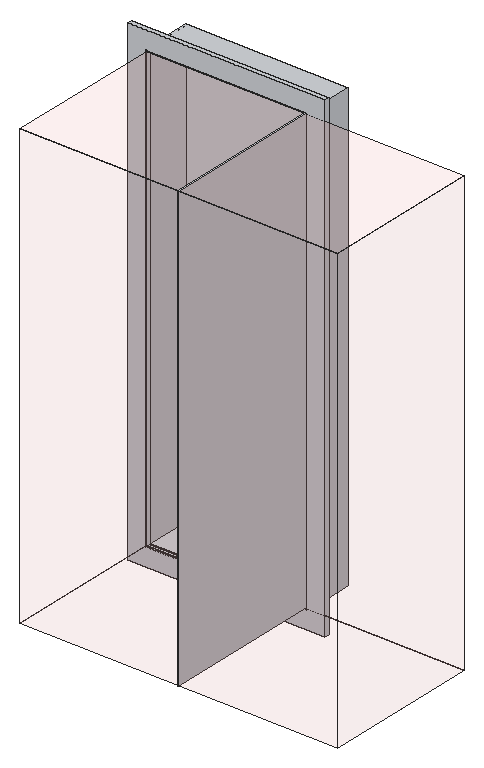
Revit family "Hager-VOLTA-Flush_mounted-IP30-With_Cover-With_DIN-NoHosted-PL-en", category Electrical Equipment, Revit 2023
Family settings
  Panel Configuration = Two Columns, Circuits Across
  Round Connector Dimension = Use Diameter
  Part Type = Panelboard
  Work Plane-Based = Yes
  Always vertical = Yes
  Cut with Voids When Loaded = No
  Maintain Annotation Orientation = No
  Shared = No
  Room Calculation Point = No
Parameters (values of type "VOLTA-Flush_mounted_W348_H880_D98_12_Modular_Spacing-VU60NWB")
  Width Control [instance] = if([HG000006-Flush mounted], if([EF000846 - Built-in width] > min_whd, [EF000846 - Built-in width], min_whd), if([EF000008 - Width] > min_whd, ([EF000008 - Width]), min_whd))  # 314.5 mm
  Void Depth [instance] = if([EF000218 - Built-in depth] > 1 mm, [EF000218 - Built-in depth], 1 mm)  # 89 mm
  Uniformat code = "D501001"
  Uniformat = "Low Tension Service & Dist."
  Référence = ""
  HG000131 - Functional label [instance] = ""
  HG000130 - Functional name [instance] = ""
  HG000099-Onfly Template ID = "507532"
  HG000059-Operating voltage [instance] = 230 V
  ETIM class name = "Small distribution board"
  ETIM class code = "EC000214"
  EF015941 - Signal passing door = no
  EF015777 - Neutral terminal block = no
  EF015776 - Earthing terminal block = no
  EF009212 - Cover model = "With notch"
  EF006306 - With lock = no
  EF006244 - Transparent cover/door = no
  EF005474 - Degree of protection (IP) = "IP30"
  EF004462 - Type of closure = "Other"
  EF002950 - Width in number of modular spacings = 12
  EF001596 - Housing material = ""
  EF001134 - DIN-rail = yes
  EF001131 - Inner depth = 0 mm
  EF001088 - Extension possible = yes
  EF001062 - EMC-version = no
  EF000846 - Built-in width = 314.5 mm
  EF000339 - Type of covering = ""
  EF000332 - Built-in height = 865 mm
  EF000266 - Number of rows = 0
  EF000218 - Built-in depth = 89 mm
  EF000118 - With mounting plate = yes
  EF000116 - RAL-number = 9010
  EF000049 - Depth = 98 mm
  EF000040 - Height = 880 mm
  EF000008 - Width = 348 mm
  EF000007 - Colour = "White"
  EF000003 - Mounting method = "Flush-mounted"
  EF004464 - Type of door = ""
  EF000024 - UV resistant = no
  Type Comments = ""
  System Height [instance] = Height Control - 2 * [HG000005-Thickness]  # 861 mm
  Reference description = ""
  Reference = "VOLTA-Flush_mounted_W348_H880_D98_12_Modular_Spacing-VU60NWB"
  Panel Name [instance] = ""  # (empty or 0)
  Offset [instance] = 0 mm
  Object type = ""
  Name hager = "ADD_Enclosures_EC000214"
  Name BIM&CO = "Electricity"
  Name = "VOLTA-Flush_mounted-IP30-With_Cover-With_DIN-PL"
  Model = ""
  Level Offset [instance] = [Flush Mounted - Door Frame Width] + Offset  # 15 mm
  HGEF002950-Width in number of modular spacings = 12
  HGEF000266-Number of rows = 0
  HG000060-RAL-number = "9010"
  HG000017-Distance between poles = 18 mm
  HG000016-Door 3D visibility = yes
  HG000015-Clearance visibility = yes
  HG000014-Door on the right = yes
  HG000013-Door on the left = not([HG000014-Door on the right])  # no
  HG000012-Door swing angle = 90.00°
  HG000011-Empty rows from bottom = no
  HG000010-Asymmetric doors = no
  HG000009-Double swing door = no
  HG000008-Number of empty rows = 0
  HG000007-Number of empty columns = 0
  HG000006-Flush mounted = yes
  HG000005-Thickness = 2 mm
  HG000004-Manufacturer reference = "VU60NWB"
  HG000003-Range = "VOLTA"
  HG000002-With door or cover = yes
  HG000001-Number of columns = 0
  GTIN (Global Trade Item Number) = ""
  Description = ""
  Default Elevation = 1200 mm
  Creation Date = "12/15/2025 21:46:28"
  Code hager = "ADD-EC000214_EU"
  Code Uniformat = ""
  BIM&CO code = ""
  BC_VARIANT_ID = "1174397"
  BC_OBJECT_VERSION = "#5"  # constant formula
  BC_OBJECT_ID = "513496"  # constant formula
  BC_MODEL_ID = "1547208"  # constant formula
  BC_METADATA = "{\"ObjectGuid\":\"bc35c96e-cb38-443e-833d-0616858cb9ac\",\"ModelGuid\":\"8af03f69-2293-4735-a617-cc53adf55621\",\"VariantGuid\":\"8b6e323b-1b53-409a-a940-11b5a7fc5337\",\"Revision\":\"#4\",\"VariantName\":\"Template-Enclosure_EU-EC000214\"}"
  Arrow Offset [instance] = Depth Control / 8  # 11.125 mm
  Arrow Height [instance] = Depth Control - Arrow Offset  # 77.875 mm
  Host Offset [instance] = if([HG000006-Flush mounted], 0 mm, [EF000049 - Depth])  # 0 mm
  min_whd [instance] = (2 * [HG000005-Thickness]) + 1 mm  # 5 mm
  Manufacturer = "Hager"  # constant formula
  Height Control [instance] = if([HG000006-Flush mounted], if([EF000332 - Built-in height] > min_whd, [EF000332 - Built-in height], min_whd), if([EF000040 - Height] > min_whd, ([EF000040 - Height]), min_whd))  # 865 mm
  Flush Mounted - Door Frame Width [instance] = if(([EF000040 - Height] - [EF000332 - Built-in height]) > 0 mm, if([HG000006-Flush mounted], [EF000040 - Height] - [EF000332 - Built-in height], 0 mm), 0 mm)  # 15 mm
  Depth Control [instance] = if([HG000006-Flush mounted], if([EF000218 - Built-in depth] > 0 mm, [EF000218 - Built-in depth], 1 mm), if([EF000049 - Depth] > 0 mm, ([EF000049 - Depth]), 1 mm))  # 89 mm
Types (18, lengths in mm): name | Width Control | Void Depth | EF015777 - Neutral terminal block | EF015776 - Earthing terminal block | EF000846 - Built-in width | EF000332 - Built-in height | EF000266 - Number of rows | EF000218 - Built-in depth | EF000118 - With mounting plate | EF000040 - Height | System Height | Reference | Level Offset | HGEF000266-Number of rows | HG000011-Empty rows from bottom | HG000008-Number of empty rows | HG000004-Manufacturer reference | HG000001-Number of columns | BC_VARIANT_ID | Arrow Offset | Arrow Height | Height Control | Flush Mounted - Door Frame Width | Depth Control
  VOLTA-Flush_mounted_W348_H356_D98_12_Modular_Spacing-VU12AT | 314.5 | 89 | yes | yes | 314.5 | 321 | 1 | 89 | no | 356 | 317 | "VOLTA-Flush_mounted_W348_H356_D98_12_Modular_Spacing-VU12AT" | 35 | 1 | no | 0 | "VU12AT" | 1 | "1174376" | 11.125 | 77.875 | 321 | 35 | 89
  VOLTA-Flush_mounted_W348_H356_D98_12_Modular_Spacing-VU12NE | 314.5 | 89 | no | yes | 314.5 | 321 | 1 | 89 | no | 356 | 317 | "VOLTA-Flush_mounted_W348_H356_D98_12_Modular_Spacing-VU12NE" | 35 | 1 | no | 0 | "VU12NE" | 1 | "1174377" | 11.125 | 77.875 | 321 | 35 | 89
  VOLTA-Flush_mounted_W348_H505_D98_12_Modular_Spacing-VU24AT | 314.5 | 89 | yes | yes | 314.5 | 470 | 2 | 89 | no | 505 | 466 | "VOLTA-Flush_mounted_W348_H505_D98_12_Modular_Spacing-VU24AT" | 35 | 2 | no | 0 | "VU24AT" | 1 | "1174378" | 11.125 | 77.875 | 470 | 35 | 89
  VOLTA-Flush_mounted_W348_H505_D98_12_Modular_Spacing-VU24NE | 314.5 | 89 | no | yes | 314.5 | 470 | 2 | 89 | no | 505 | 466 | "VOLTA-Flush_mounted_W348_H505_D98_12_Modular_Spacing-VU24NE" | 35 | 2 | no | 0 | "VU24NE" | 1 | "1174380" | 11.125 | 77.875 | 470 | 35 | 89
  VOLTA-Flush_mounted_W348_H505_D98_12_Modular_Spacing-VU24NWB | 314.5 | 89 | no | no | 314.5 | 470 | 0 | 89 | yes | 505 | 466 | "VOLTA-Flush_mounted_W348_H505_D98_12_Modular_Spacing-VU24NWB" | 35 | 0 | no | 0 | "VU24NWB" | 0 | "1174383" | 11.125 | 77.875 | 470 | 35 | 89
  VOLTA-Flush_mounted_W348_H630_D98_12_Modular_Spacing-VU36AT | 314.5 | 89 | yes | yes | 314.5 | 595 | 3 | 89 | no | 630 | 591 | "VOLTA-Flush_mounted_W348_H630_D98_12_Modular_Spacing-VU36AT" | 35 | 3 | no | 0 | "VU36AT" | 1 | "1174385" | 11.125 | 77.875 | 595 | 35 | 89
  VOLTA-Flush_mounted_W348_H630_D98_12_Modular_Spacing-VU36NE | 314.5 | 89 | no | yes | 314.5 | 595 | 3 | 89 | no | 630 | 591 | "VOLTA-Flush_mounted_W348_H630_D98_12_Modular_Spacing-VU36NE" | 35 | 3 | no | 0 | "VU36NE" | 1 | "1174386" | 11.125 | 77.875 | 595 | 35 | 89
  VOLTA-Flush_mounted_W348_H630_D98_12_Modular_Spacing-VU36NWB | 314.5 | 89 | no | no | 314.5 | 595 | 0 | 89 | yes | 630 | 591 | "VOLTA-Flush_mounted_W348_H630_D98_12_Modular_Spacing-VU36NWB" | 35 | 0 | no | 0 | "VU36NWB" | 0 | "1174387" | 11.125 | 77.875 | 595 | 35 | 89
  VOLTA-Flush_mounted_W348_H755_D98_12_Modular_Spacing-VU48AT | 314.5 | 89 | yes | yes | 314.5 | 720 | 4 | 89 | no | 755 | 716 | "VOLTA-Flush_mounted_W348_H755_D98_12_Modular_Spacing-VU48AT" | 35 | 4 | no | 0 | "VU48AT" | 1 | "1174388" | 11.125 | 77.875 | 720 | 35 | 89
  VOLTA-Flush_mounted_W348_H755_D98_12_Modular_Spacing-VU48NE | 314.5 | 89 | no | yes | 314.5 | 720 | 4 | 89 | no | 755 | 716 | "VOLTA-Flush_mounted_W348_H755_D98_12_Modular_Spacing-VU48NE" | 35 | 4 | no | 0 | "VU48NE" | 1 | "1174389" | 11.125 | 77.875 | 720 | 35 | 89
  VOLTA-Flush_mounted_W348_H755_D98_12_Modular_Spacing-VU48NWB | 314.5 | 89 | no | no | 314.5 | 720 | 0 | 89 | yes | 755 | 716 | "VOLTA-Flush_mounted_W348_H755_D98_12_Modular_Spacing-VU48NWB" | 35 | 0 | no | 0 | "VU48NWB" | 0 | "1174390" | 11.125 | 77.875 | 720 | 35 | 89
  VOLTA-Flush_mounted_W348_H880_D98_12_Modular_Spacing-VU601PLH | 314.5 | 89 | yes | yes | 314.5 | 845 | 5 | 89 | yes | 880 | 841 | "VOLTA-Flush_mounted_W348_H880_D98_12_Modular_Spacing-VU601PLH" | 35 | 5 | yes | 4 | "VU601PLH" | 1 | "1174391" | 11.125 | 77.875 | 845 | 35 | 89
  VOLTA-Flush_mounted_W348_H880_D98_12_Modular_Spacing-VU602PLH | 314.5 | 89 | yes | yes | 314.5 | 845 | 5 | 89 | yes | 880 | 841 | "VOLTA-Flush_mounted_W348_H880_D98_12_Modular_Spacing-VU602PLH" | 35 | 5 | yes | 3 | "VU602PLH" | 1 | "1174392" | 11.125 | 77.875 | 845 | 35 | 89
  VOLTA-Flush_mounted_W348_H880_D98_12_Modular_Spacing-VU603PLG | 314.5 | 89 | yes | yes | 314.5 | 845 | 5 | 89 | yes | 880 | 841 | "VOLTA-Flush_mounted_W348_H880_D98_12_Modular_Spacing-VU603PLG" | 35 | 5 | yes | 2 | "VU603PLG" | 1 | "1174393" | 11.125 | 77.875 | 845 | 35 | 89
  VOLTA-Flush_mounted_W348_H880_D98_12_Modular_Spacing-VU603PLH | 314.5 | 89 | yes | yes | 314.5 | 845 | 5 | 89 | yes | 880 | 841 | "VOLTA-Flush_mounted_W348_H880_D98_12_Modular_Spacing-VU603PLH" | 35 | 5 | yes | 2 | "VU603PLH" | 1 | "1174394" | 11.125 | 77.875 | 845 | 35 | 89
  VOLTA-Flush_mounted_W348_H880_D98_12_Modular_Spacing-VU60NC | 314.5 | 89 | no | yes | 314.5 | 846 | 5 | 89 | no | 880 | 842 | "VOLTA-Flush_mounted_W348_H880_D98_12_Modular_Spacing-VU60NC" | 34 | 5 | no | 0 | "VU60NC" | 1 | "1174395" | 11.125 | 77.875 | 846 | 34 | 89
  VOLTA-Flush_mounted_W348_H880_D98_12_Modular_Spacing-VU60NE | 314 | 90 | yes | yes | 314 | 845 | 5 | 90 | no | 880 | 841 | "VOLTA-Flush_mounted_W348_H880_D98_12_Modular_Spacing-VU60NE" | 35 | 5 | no | 0 | "VU60NE" | 1 | "1174396" | 11.25 | 78.75 | 845 | 35 | 90
  VOLTA-Flush_mounted_W348_H880_D98_12_Modular_Spacing-VU60NWB | 314.5 | 89 | no | no | 314.5 | 865 | 0 | 89 | yes | 880 | 861 | "VOLTA-Flush_mounted_W348_H880_D98_12_Modular_Spacing-VU60NWB" | 15 | 0 | no | 0 | "VU60NWB" | 0 | "1174397" | 11.125 | 77.875 | 865 | 15 | 89
Reference planes
  plane 1 "Center (Front/Back)": y = 0
  plane 2: z = 0
  plane 3 "Center (Left/Right)": x = 0
  plane 4: y = 17
  plane 5: y = 89
  plane 6: y = 15
  plane 7: z = 0
  plane 8: x = -157.25
  plane 9: x = 157.25
  plane 10: x = 155.25
  plane 11: x = -155.25
  plane 12: z = 15
  plane 13: z = 17
  plane 14: y = 5
  plane 15: y = 0
  plane 16: y = 87
  plane 17: z = 878
  plane 18: z = 880
  plane 19: z = 447.5
  plane 20: x = 0
  plane 21: y = -100
  plane 22 "Annotation H": y = -300
  plane 23 "Annotation V": x = 357.25
Forms (mm)
  Extrusion 1, solid
    sketch origin (-208.679, -4572, 15) x (-1, 0, 0) y (0, -1, 0)
      loop
        line (-51.429, -4572) -> (-365.929, -4572) -> (-365.929, -4661) -> (-51.429, -4661) -> (-51.429, -4572)
    from 0 to 865 <- "Height Control"
  Extrusion 2, void
    sketch origin (-350.771, 0, 1219.2) x (1, 0, 0) y (0, 0, 1)
      loop
        line (195.521, -341.2) -> (195.521, -1202.2) -> (506.021, -1202.2) -> (506.021, -341.2) -> (195.521, -341.2)
    from 0 to -87
  Extrusion 3, solid, detail levels coarse+medium
    sketch origin (-350.771, 0, 1219.2) x (-1, 0, 0) y (0, 0, 1)
      loop
        line (-195.521, -341.2) -> (-506.021, -341.2) -> (-506.021, -1202.2) -> (-195.521, -1202.2) -> (-195.521, -341.2)
    from 0 to 2 <- "HG000005-Thickness"
Cuts and joins
  Extrusion 2 cuts Extrusion 1
Dimensions and locks
  "Flush Mounted - Door Frame Width": plane 1 "Center (Front/Back)" to plane 6
  "HG000005-Thickness": plane 4 to plane 6
  "HG000005-Thickness": plane 8 to plane 11
  "HG000005-Thickness": plane 9 to plane 10
  equal spacing: plane 8, plane 3 "Center (Left/Right)", plane 9
  "Width Control": plane 8 to plane 9
  locked: plane 14 to plane 15 at 5
  "Host Offset": plane 1 "Center (Front/Back)" to plane 15
  "Depth Control": plane 5 to plane 15
  "HG000005-Thickness": plane 5 to plane 16
  "HG000005-Thickness": plane 13 to plane 12
  "Level Offset": plane 12 to level
  "HG000005-Thickness": plane 18 to plane 17
  "Height Control": plane 18 to plane 12
  "Arrow Offset": plane 5 to nested 4
  equal spacing: plane 18, plane 19, plane 12
  locked: connector elem to plane 19
  locked: connector elem to plane 3 "Center (Left/Right)"
  Extrusion 2 sketch curve to Extrusion 2 sketch curve to plane 9 = 310.5 mm, 2 mm
  locked: plane 9 to plane 23 "Annotation V" at 200
  locked: plane 22 "Annotation H" to plane 1 "Center (Front/Back)" at 300
  aligned and locked: nested 1 to plane 14
  aligned and locked: plane 3 "Center (Left/Right)" to nested 1
  aligned and locked: plane 3 "Center (Left/Right)" to nested 2
  aligned and locked: nested 2 to plane 15
  aligned and locked: plane 5 to Extrusion 1
  aligned and locked: Extrusion 3 sketch curve to plane 17
  aligned and locked: Extrusion 3 sketch curve to plane 11
  aligned and locked: plane 13 to Extrusion 3 sketch curve
  aligned and locked: Extrusion 3 sketch curve to plane 10
  aligned and locked: plane 13 to Extrusion 2 sketch curve
  aligned and locked: Extrusion 2 sketch curve to plane 17
  aligned and locked: plane 16 to Extrusion 2
  aligned and locked: plane 5 to Extrusion 1 sketch curve
  aligned and locked: plane 9 to Extrusion 1 sketch curve
  aligned and locked: plane 8 to Extrusion 1 sketch curve
  aligned and locked: plane 8 to nested 4
  aligned and locked: plane 8 to nested 3
  aligned and locked: nested 3 to plane 5
  aligned and locked: Extrusion 1 sketch curve to plane 15
  aligned and locked: Extrusion 2 to plane 15
  aligned and locked: nested 5 to plane 22 "Annotation H"
  aligned and locked: plane 23 "Annotation V" to nested 5
  aligned and locked: plane 11 to Extrusion 2
  aligned and locked: plane 10 to Extrusion 2
Nested families
  nested 1: "Hager_Enclosure_System" at (0, 5, 17), Flush_Mounted <- "HG000006-Flush mounted", Height <- "System Height", Width_Control <- "Width Control", Row_Module_Multiplicator <- "HGEF002950-Width in number of modular spacings", Empty_Columns <- "HG000007-Number of empty columns", Border <- "HG000005-Thickness", Total_No_Empty_Rows <- "HG000008-Number of empty rows", Depth <- "HG000005-Thickness", Empty_Rows_From_Bottom <- "HG000011-Empty rows from bottom", Distance_Between_Poles <- "HG000017-Distance between poles", Rows_Count <- "HGEF000266-Number of rows", Columns_Count <- "HG000001-Number of columns", Built-in_Width <- "EF000846 - Built-in width", Width <- "EF000008 - Width", type "Hager_Enclosure_System", detail levels medium+fine
    with Width_Control 314.5 mm, Width 348 mm, Total_No_Rows 0, Total_No_Empty_Rows 0, Total_No_Columns 1, System_Width 310.5 mm, Rows_Count 0, Rows_Column 0, Row_Module_Multiplicator 12, Panel_4 no, Panel_3 no, Panel_2 no, Panel_1 no, No_Panels_Ctrl 1, Hide_Columns yes, Height 861 mm, Flush_Mounted yes, Empty_Rows_From_Bottom no, Empty_Rows_Column 0, Empty_Columns 0, Empty column 4 0, Empty column 3 0, Empty column 2 0, Empty column 1 0, Distance_Between_Poles 18 mm, Depth 2 mm, Columns_Count 0, Column_Width 310.5 mm, Built-in_Width 314.5 mm, Border 2 mm
  nested 2: "Hager_Enclosure_Door" at (0, 0, 15), Double <- "HG000009-Double swing door", Height_Ctrl <- "Height Control", Angle <- "HG000012-Door swing angle", Door_Right <- "HG000014-Door on the right", Assymetrical <- "HG000010-Asymmetric doors", Flush_Mounted <- "HG000006-Flush mounted", Door <- "HG000002-With door or cover", Width_Ctrl <- "Width Control", 3d_Door <- "HG000016-Door 3D visibility", Border <- "HG000005-Thickness", Clearance <- "HG000015-Clearance visibility", Door_Left <- "HG000013-Door on the left", BuiltIn_Depth <- "EF000218 - Built-in depth", Depth <- "EF000049 - Depth", BuiltIn_Width <- "EF000846 - Built-in width", Height <- "EF000040 - Height", BuiltIn_Height <- "EF000332 - Built-in height", Width <- "EF000008 - Width", Transparent <- "EF006244 - Transparent cover/door", type "Hager_Enclosure_Door", detail levels medium+fine
    with min_wh 5 mm, Width_Ctrl 314.5 mm, Width 348 mm, Transparent_Door_No_Bottom_Border no, Transparent no, Leaf_Width 307.5 mm, Leaf_Tolerance 1.5 mm, Leaf_Height 858 mm, Leaf_2_Width 307.5 mm, Leaf_2_Offset 153.75 mm, Leaf_1_Width 307.5 mm, Leaf_1_Offset 153.75 mm, Height_Ctrl 865 mm, Height 880 mm, Frame_Width_Ctrl 33.5 mm, Frame_Width 33.5 mm, Frame_Internal_Offset 2 mm, Frame_Height_Ctrl 15 mm, Frame_Height 15 mm, Frame_Depth_Ctrl 9 mm, Frame_Depth 9 mm, Flush_Mounted yes, Double_Clearance_Ctrl no, Double no, Door_Right_Ctrl yes, Door_Right yes, Door_Left_Ctrl no, Door_Left no, Door yes, Depth 98 mm, Clearance_Depth 307.5 mm, Clearance_Ctrl yes, Clearance yes, BuiltIn_Width 314.5 mm, BuiltIn_Height 865 mm, BuiltIn_Depth 89 mm, Border 2 mm, Assymetrical no, Angle 90.00°, 3d_Door yes
  nested 3: "Hager_Enclosure_Symbol_Triangle" at (-157.25, 89, 0), Depth <- "Depth Control", Width <- "Width Control", type "Hager_Enclosure_Symbol_Triangle"
    with Width_Ctrl 314.5 mm, Width 314.5 mm, Depth_Ctrl 89 mm, Depth 89 mm
  nested 4: "Hager_Enclosure_Symbol_Arrow" at (-157.25, 77.875, 0), Height <- "Arrow Height", type "Hager_Enclosure_Symbol_Arrow"
    with Width_Inside 5.841 mm, Width 70.087 mm, Height_Ctrl 77.875 mm, Height 77.875 mm
  nested 5: "Hager_Annotation-HG000130" at (357.25, -300, 0), HG000130 - Functional name <- "HG000130 - Functional name", type "Hager_Annotation-HG000130"
    with HG000130 - Functional name ""
Connectors
  electrical at (0, 89, 447.5), driven by "HG000059-Operating voltage"
    settings: on plane 5, index 1, voltage 230 V, apparent load 0 VA, apparent load phase1 0 VA, apparent load phase2 0 VA, apparent load phase3 0 VA, power factor 1, load classification "Other", number of poles 1, system type 30, power factor state 1, is connector primary yes, connector utility no, sub classification motor no, connector description ""
Definition of nested family "Hager_Enclosure_Door"
  Parameters (values of type "Hager_Enclosure_Door")
    min_wh [instance] = (2 * Border) + 1 mm  # 11 mm
    Width_Ctrl [instance] = 400 mm
    Width [instance] = 500 mm
    Transparent_Door_No_Bottom_Border [instance] = no
    Transparent [instance] = yes
    Leaf_Width [instance] = if((Width_Ctrl - 2 * Border - 2 * Leaf_Tolerance) > 0 mm, (Width_Ctrl - 2 * Border - 2 * Leaf_Tolerance), min_wh)  # 387 mm
    Leaf_Tolerance [instance] = 1.5 mm  # constant formula
    Leaf_Height [instance] = if((Height_Ctrl - 2 * Border - 2 * Leaf_Tolerance) > 0 mm, (Height_Ctrl - 2 * Border - 2 * Leaf_Tolerance), min_wh)  # 387 mm
    Leaf_2_Width [instance] = if(and(and(Double, Assymetrical), Door_Left), (Leaf_Width / 3) - (Leaf_Tolerance / 2), if(and(and(Double, Assymetrical), Door_Right), (Leaf_Width / 3) * 2 - (Leaf_Tolerance / 2), if(and(Double, not(Assymetrical)), (Leaf_Width / 2) - Leaf_Tolerance, Leaf_Width)))  # 387 mm
    Leaf_2_Offset [instance] = if(and(Double, Assymetrical), Leaf_2_Width / 2, if(and(Double, not(Assymetrical)), Leaf_Width / 4, Leaf_Width / 2))  # 193.5 mm
    Leaf_1_Width [instance] = if(and(and(Double, Assymetrical), Door_Right), (Leaf_Width / 3) - (Leaf_Tolerance / 2), if(and(and(Double, Assymetrical), Door_Left), (Width / 3) * 2 - (Leaf_Tolerance / 2), if(and(Double, not(Assymetrical)), (Leaf_Width / 2) - Leaf_Tolerance, Leaf_Width)))  # 387 mm
    Leaf_1_Offset [instance] = if(and(Double, Assymetrical), Leaf_1_Width / 2, if(and(Double, not(Assymetrical)), Leaf_Width / 4, Leaf_Width / 2))  # 193.5 mm
    Height_Ctrl [instance] = 400 mm
    Height [instance] = 500 mm
    Frame_Width_Ctrl [instance] = if(Frame_Width > 0 mm, Frame_Width, 1 mm)  # 1 mm
    Frame_Width [instance] = Width - BuiltIn_Width  # 0 mm
    Frame_Internal_Offset [instance] = if(Flush_Mounted, Border, 0 mm)  # 5 mm
    Frame_Height_Ctrl [instance] = if(Frame_Height > 0 mm, Frame_Height, 1 mm)  # 1 mm
    Frame_Height [instance] = Height - BuiltIn_Height  # 0 mm
    Frame_Depth_Ctrl [instance] = if(Frame_Depth > 0 mm, Frame_Depth, 1 mm)  # 1 mm
    Frame_Depth [instance] = if(Depth - BuiltIn_Depth > 0 mm, if(Flush_Mounted, Depth - BuiltIn_Depth, 0 mm), 0 mm)  # 0 mm
    Flush_Mounted [instance] = yes
    Double_Clearance_Ctrl [instance] = and(Double, Clearance)  # no
    Double [instance] = no
    Door_Right_Ctrl [instance] = and(or(Door_Right, Double), Door)  # yes
    Door_Right [instance] = yes
    Door_Left_Ctrl [instance] = and(or(Door_Left, Double), Door)  # no
    Door_Left [instance] = no
    Door [instance] = yes
    Depth [instance] = 500 mm
    Default Elevation = 1219.2 mm
    Clearance_Material = none
    Clearance_Depth [instance] = if(Leaf_1_Width > Leaf_2_Width, Leaf_1_Width, Leaf_2_Width)  # 387 mm
    Clearance_Ctrl [instance] = and(not(Double), Clearance)  # yes
    Clearance [instance] = yes
    BuiltIn_Width [instance] = 500 mm
    BuiltIn_Height [instance] = 500 mm
    BuiltIn_Depth [instance] = 500 mm
    Border [instance] = 5 mm
    Assymetrical [instance] = yes
    Angle [instance] = 30.00°
    3d_Door [instance] = yes
  Reference planes
    plane 1 "Center (Front/Back)": y = 0
    plane 2 "Bottom": z = 0
    plane 3 "Center (Left/Right)": x = 0
    plane 4: z = 400
    plane 5: x = -200
    plane 6: x = 200
    plane 7: z = 395
    plane 8: x = -195
    plane 9: z = 5
    plane 10: x = 195
    plane 11: y = 0
    plane 12: z = 6.5
    plane 13: x = -582
    plane 14: y = -387
    plane 15: x = 582
    plane 16: x = 0
    plane 17: x = 0
    plane 18: x = -193.5
    plane 19: x = 193.5
    plane 20: z = 393.5
  Forms (mm)
    Extrusion 1, solid, visible <- "Flush_Mounted"
      sketch origin (0, 0, 0) x (1, 0, 0) y (0, 0, 1)
        loop
          line (195, 5) -> (195, 395) -> (-195, 395) -> (-195, 5) -> (195, 5)
        loop
          line (-201, 401) -> (-201, -1) -> (201, -1) -> (201, 401) -> (-201, 401)
      from 0 to 1 <- "Frame_Depth_Ctrl"
    Extrusion 2, solid, material <- "Clearance_Material", visible <- "Double_Clearance_Ctrl"
      sketch origin (1200, 0, 0) x (1, 0, 0) y (0, 0, -1)
        loop
          line (-1782, -393.5) -> (-618, -393.5) -> (-618, 0) -> (-1782, 0) -> (-1782, -393.5)
      from 0 to -387
  Dimensions and locks
    equal spacing: plane 5, plane 3 "Center (Left/Right)", plane 6
    "Width_Ctrl": plane 5 to plane 6
    "Border": plane 5 to plane 8
    "Border": plane 6 to plane 10
    "Border": plane 9 to level
    "Border": plane 4 to plane 7
    "Height_Ctrl": plane 4 to level
    "Leaf_Tolerance": plane 12 to plane 9
    "Frame_Depth": plane 11 to plane 1 "Center (Front/Back)"
    "Frame_Width_Ctrl": plane 5 to Extrusion 1 sketch curve
    "Frame_Width_Ctrl": plane 6 to Extrusion 1 sketch curve
    "Frame_Width_Ctrl": Extrusion 1 sketch curve to plane 4
    "Frame_Width_Ctrl": plane 2 "Bottom" to Extrusion 1 sketch curve
    "Leaf_1_Offset": plane 18 to plane 16
    "Leaf_2_Offset": plane 17 to plane 19
    "Leaf_1_Width": plane 13 to plane 8
    "Leaf_2_Width": plane 10 to plane 15
    "Clearance_Depth": plane 14 to plane 1 "Center (Front/Back)"
    "Leaf_Tolerance": plane 8 to plane 18
    "Leaf_Tolerance": plane 19 to plane 10
    "Leaf_Tolerance": plane 7 to plane 20
    "Frame_Internal_Offset": plane 5 to Extrusion 1 sketch curve
    "Frame_Internal_Offset": Extrusion 1 sketch curve to plane 2 "Bottom"
    "Frame_Internal_Offset": plane 6 to Extrusion 1 sketch curve
    "Frame_Internal_Offset": plane 4 to Extrusion 1 sketch curve
    aligned and locked: level to plane 2 "Bottom"
    aligned and locked: nested 1 to plane 16
    aligned and locked: nested 2 to plane 17
    aligned and locked: Extrusion 2 to plane 13
    aligned and locked: plane 15 to Extrusion 2
    aligned and locked: Extrusion 2 to plane 14
    aligned and locked: plane 12 to nested 1
    aligned and locked: nested 2 to plane 12
    aligned and locked: Extrusion 2 to plane 11
    aligned and locked: plane 20 to Extrusion 2
    aligned and locked: nested 2 to plane 11
    aligned and locked: nested 1 to plane 11
  Automatic sketch dimensions
    Extrusion 2 sketch curve to level = 0 mm
    plane 5 to Extrusion 2 sketch curve = 382 mm
    plane 6 to Extrusion 2 sketch curve = 382 mm
    Extrusion 2 sketch curve to plane 4 = 6.5 mm
  Nested families
    nested 1: "Hager_Enclosure_Door_Leaf" at (0, 0, 6.5), Width <- "Leaf_1_Width", visible <- "Door_Left_Ctrl", Leaf_Height <- "Leaf_Height", Angle <- "Angle", Depth <- "Border", 3d_Door <- "3d_Door", Transparent <- "Transparent", Clearance Material <- "Clearance_Material", Clearance <- "Clearance_Ctrl", Transparent_Door_No_Bottom_Border <- "Transparent_Door_No_Bottom_Border", type "Hager_Enclosure_Door_Leaf"
      with Width 387 mm, Transparent_Door_No_Bottom_Border no, Transparent_Door_Border_Bottom_Top 25 mm, Transparent_Door_Border 25 mm, Transparent_Ctrl yes, Transparent yes, Standard no, Leaf_Height 387 mm, Glass_Offset 1 mm, Depth 5 mm, Clearance Material none, Clearance yes, Angle_Ctrl 30.00°, Angle 30.00°, 3d_Door yes
    nested 2: "Hager_Enclosure_Door_Leaf" at (0, 0, 6.5) x (-1, 0, 0) z (0, 0, 1), Width <- "Leaf_2_Width", visible <- "Door_Right_Ctrl", Leaf_Height <- "Leaf_Height", Angle <- "Angle", Depth <- "Border", 3d_Door <- "3d_Door", Transparent <- "Transparent", Clearance Material <- "Clearance_Material", Clearance <- "Clearance_Ctrl", Transparent_Door_No_Bottom_Border <- "Transparent_Door_No_Bottom_Border", type "Hager_Enclosure_Door_Leaf"
      with Width 387 mm, Transparent_Door_No_Bottom_Border no, Transparent_Door_Border_Bottom_Top 25 mm, Transparent_Door_Border 25 mm, Transparent_Ctrl yes, Transparent yes, Standard no, Leaf_Height 387 mm, Glass_Offset 1 mm, Depth 5 mm, Clearance Material none, Clearance yes, Angle_Ctrl 30.00°, Angle 30.00°, 3d_Door yes
  Definition of nested family "Hager_Enclosure_Door_Leaf"
    Parameters (values of type "Hager_Enclosure_Door_Leaf")
      Width [instance] = 2000 mm
      Transparent_Door_No_Bottom_Border [instance] = yes
      Transparent_Door_Border_Bottom_Top [instance] = if(Transparent_Door_No_Bottom_Border, 0.1 mm, Transparent_Door_Border)  # 0.1 mm
      Transparent_Door_Border [instance] = if(Transparent_Door_No_Bottom_Border, (Width * 0.12), 25 mm)  # 240 mm
      Transparent_Ctrl [instance] = and(Transparent, [3d_Door])  # yes
      Transparent [instance] = yes
      Standard [instance] = and(not(Transparent), [3d_Door])  # no
      Leaf_Height [instance] = 2720.336 mm
      Glass_Offset [instance] = if((Depth - 10 mm) / 2 > 0 mm, (Depth - 10 mm) / 2, 1 mm)  # 15 mm
      Glass_Material = none
      Depth [instance] = 40 mm
      Default Elevation = 0 mm
      Clearance Material [instance] = none
      Clearance [instance] = yes
      Angle_Ctrl [instance] = if(Angle > 170.00°, 170.00°, Angle)  # 45.00°
      Angle [instance] = 45.00°
      3d_Door [instance] = yes
    Reference planes
      plane 1 "Center (Front/Back)": y = 0
      plane 2: z = 0
      plane 3 "Center (Left/Right)": x = 0
      plane 4: y = 2000
      plane 5: x = -1000
      plane 6: x = 1000
      plane 7: x = -3000
      plane 8: z = 2720.336
      plane 9: z = 0.1
      plane 10: z = 2720.236
      plane 11: x = 760
      plane 12: x = -760
    Forms (mm)
      Extrusion 1, solid, material <- "Clearance Material", visible <- "Clearance"
        sketch origin (0, 0, 0) x (1, 0, 0) y (0, 0, 1)
          loop
            line (-3000, 2720.336) -> (-3000, 0) -> (1000, 0) -> (1000, 2720.336) -> (-3000, 2720.336)
        from 0 to -2000
      Extrusion 2, solid, visible <- "Standard", detail levels medium+fine
        sketch origin (-1000, 0, 0) x (0.707107, 0.707107, 0) y (-0.707107, 0.707107, 0)
          loop
            line (0, -40) -> (2000, -40) -> (2000, 0) -> (0, 0) -> (0, -40)
        from 0 to 2720.336 <- "Leaf_Height"
      Extrusion 3, solid, visible <- "Transparent_Ctrl", detail levels medium+fine
        sketch origin (-1000, 0, 0) x (0.707107, 0.707107, 0) y (-0.707107, 0.707107, 0)
          loop
            line (0, -40) -> (2000, -40) -> (2000, 0) -> (0, 0) -> (0, -40)
        from 0 to 2720.336 <- "Leaf_Height"
      Extrusion 4, void, detail levels medium+fine
        sketch origin (-1000, 0, 0) x (-0.707107, 0.707107, 0) y (0.707107, 0.707107, 0)
          loop
            line (0, 240) -> (0, 1760) -> (-40, 1760) -> (-40, 240) -> (0, 240)
        from -2720.236 to -0.1
      Extrusion 5, solid, material <- "Glass_Material", visible <- "Transparent_Ctrl", detail levels medium+fine
        sketch origin (-1000, 0, 0) x (0.707107, 0.707107, 0) y (-0.707107, 0.707107, 0)
          loop
            line (240, -15) -> (240, -25) -> (1760, -25) -> (1760, -15) -> (240, -15)
        from 0.1 to 2720.236
    Cuts and joins
      Extrusion 4 cuts Extrusion 3
    Lines and regions (mm)
      symbolic lines
        curve 1: line (1000, 0, 0) -> (-3000, 0, 0)
        curve 2: arc (1000, 0, 0) -> (-1000, 2000, 0) -> (-3000, 0, 0) r 2000
        curve 4: line (-1000, 0, 0) -> (414.214, 1414.214, 0)
      reference lines
        curve 3: line (-1000, 0, 0) -> (414.214, 1414.214, 0)
      symbolic lines, detail levels medium+fine
        curve 5: line (414.214, 1414.214, 0) -> (442.498, 1385.929, 0)
        curve 6: line (442.498, 1385.929, 0) -> (-971.716, -28.284, 0)
        curve 7: line (-971.716, -28.284, 0) -> (-1000, 0, 0)
        curve 8: line (-1000, 0, 2720.336) -> (1000, 0, 2720.336)
        curve 9: line (-1000, 0, 0) -> (-1000, 0, 2720.336)
        curve 10: line (1000, 0, 0) -> (-1000, 0, 0)
        curve 11: line (1000, 0, 2720.336) -> (1000, 0, 0)
      symbolic lines, visible <- "Transparent_Ctrl", detail levels medium+fine
        curve 12: line (-760, 0, 2720.236) -> (760, 0, 2720.236)
        curve 13: line (-760, 0, 0.1) -> (-760, 0, 2720.236)
        curve 14: line (760, 0, 0.1) -> (-760, 0, 0.1)
        curve 15: line (760, 0, 2720.236) -> (760, 0, 0.1)
    Dimensions and locks
      "Width": plane 1 "Center (Front/Back)" to plane 4
      equal spacing: plane 5, plane 3 "Center (Left/Right)", plane 6
      "Width": plane 5 to plane 6
      "Width": plane 7 to plane 5
      "Leaf_Height": plane 8 to level
      "Depth": curve 6 to curve 3
      "Width": curve 5 to curve 3
      "Width": curve 3 to curve 3
      "Transparent_Door_Border": Extrusion 4 sketch curve to curve 7
      "Transparent_Door_Border": Extrusion 4 sketch curve to curve 5
      "Transparent_Door_Border_Bottom_Top": plane 8 to plane 10
      "Transparent_Door_Border_Bottom_Top": plane 9 to level
      "Glass_Offset": Extrusion 5 sketch curve to curve 4
      "Glass_Offset": Extrusion 5 sketch curve to curve 6
      "Transparent_Door_Border": Extrusion 5 sketch curve to curve 5
      "Transparent_Door_Border": Extrusion 5 sketch curve to curve 7
      "Transparent_Door_Border": plane 12 to plane 5
      "Transparent_Door_Border": plane 6 to plane 11
      "Angle_Ctrl": angle plane 1 "Center (Front/Back)" to curve 3
      aligned and locked: level to plane 2
      aligned and locked: Extrusion 1 to curve 1
      aligned and locked: plane 6 to Extrusion 1
      aligned and locked: Extrusion 1 to plane 1 "Center (Front/Back)"
      aligned and locked: plane 4 to Extrusion 1
      aligned and locked: plane 8 to Extrusion 1
      aligned and locked: curve 4 to curve 3
      aligned and locked: Extrusion 2 sketch curve to curve 7
      aligned and locked: Extrusion 2 sketch curve to curve 6
      aligned and locked: Extrusion 2 sketch curve to curve 5
      aligned and locked: Extrusion 2 sketch curve to curve 3
      aligned and locked: curve 7 to Extrusion 3 sketch curve
      aligned and locked: Extrusion 3 sketch curve to curve 4
      aligned and locked: Extrusion 3 sketch curve to curve 6
      aligned and locked: Extrusion 3 sketch curve to curve 5
      aligned and locked: curve 4 to Extrusion 4 sketch curve
      aligned and locked: curve 6 to Extrusion 4 sketch curve
      aligned and locked: Extrusion 4 to plane 9
      aligned and locked: Extrusion 4 to plane 10
      aligned and locked: Extrusion 5 to plane 9
      aligned and locked: Extrusion 5 to plane 10
      aligned and locked: curve 8 to plane 8
      aligned and locked: plane 5 to curve 9
      aligned and locked: plane 2 to curve 10
      aligned and locked: curve 11 to plane 6
      aligned and locked: plane 10 to curve 12
      aligned and locked: plane 12 to curve 13
      aligned and locked: curve 14 to plane 9
      aligned and locked: plane 11 to curve 15
    Automatic sketch dimensions
      plane 1 "Center (Front/Back)" to curve 2 = 0 mm
      curve 2 to plane 5 = 0 mm
      Extrusion 1 sketch curve to level = 0 mm
      Extrusion 1 sketch curve to plane 7 = 0 mm
      Extrusion 1 sketch curve to plane 6 = 0 mm
      Extrusion 1 sketch curve to plane 8 = 0 mm
      plane 1 "Center (Front/Back)" to curve 3 = 0 mm
      curve 3 to plane 5 = 0 mm
      curve 7 to curve 3 = 0 mm
Definition of nested family "Hager_Enclosure_Symbol_Triangle"
  Parameters (values of type "Hager_Enclosure_Symbol_Triangle")
    Width_Ctrl [instance] = if(Width > 1 mm, Width, 1 mm)  # 498 mm
    Width [instance] = 498 mm
    Depth_Ctrl [instance] = if(Depth > 1 mm, Depth, 1 mm)  # 72 mm
    Depth [instance] = 72 mm
  Reference planes
    plane 1 "Centre (avant/arrière)": y = 0
    plane 2: z = 0
    plane 3 "Centre (gauche/droite)": x = 0
  Lines and regions (mm)
    Filled region 1, type "Solid_Black", in view "Niveau de réf."
      outline origin (0, 0, 0) x (1, 0, 0) y (0, 1, 0)
        loop
          line (0, 0) -> (498, 0) -> (498, 72) -> (0, 0)
    reference lines, in view "Niveau de réf."
      curve 1: line (-206.153, 72, 0) -> (1083.258, 72, 0)
      curve 2: line (498, 405.456, 0) -> (498, -517.619, 0)
  Dimensions and locks
    "Depth_Ctrl": plane 1 "Centre (avant/arrière)" to curve 1
    "Width_Ctrl": plane 3 "Centre (gauche/droite)" to curve 2
    aligned and locked: curve 1 to Filled region 1 sketch curve
    aligned and locked: Filled region 1 sketch curve to plane 1 "Centre (avant/arrière)"
    aligned and locked: curve 2 to Filled region 1 sketch curve
    aligned and locked: plane 3 "Centre (gauche/droite)" to Filled region 1 sketch curve
    aligned and locked: plane 1 "Centre (avant/arrière)" to Filled region 1 sketch curve
  Automatic sketch dimensions
    curve 1 to plane 3 "Centre (gauche/droite)" = 206.153 mm
    curve 2 to curve 1 = 585.258 mm
    plane 1 "Centre (avant/arrière)" to curve 2 = 517.619 mm
    curve 2 to plane 1 "Centre (avant/arrière)" = 405.456 mm
Definition of nested family "Hager_Enclosure_Symbol_Arrow"
  Parameters (values of type "Hager_Enclosure_Symbol_Arrow")
    Width_Inside [instance] = if(Width / 12 > 2 mm, Width / 12, 2 mm)  # 4.987 mm
    Width [instance] = if(Height_Ctrl * 0.9 > 2 mm, Height_Ctrl * 0.9, 2 mm)  # 59.85 mm
    Height_Ctrl [instance] = if(Height > 2 mm, Height, 2 mm)  # 66.5 mm
    Height [instance] = 66.5 mm
  Reference planes
    plane 1 "Centre (avant/arrière)": y = 0
    plane 2: z = 0
    plane 3 "Centre (gauche/droite)": x = 0
    plane 4: x = 59.85
    plane 5: y = 28.263
    plane 6: y = 38.238
    plane 7: y = 66.5
    plane 8: x = 29.925
    plane 9: y = 33.25
  Lines and regions (mm)
    Filled region 1, type "Solid_Black", in view "Niveau de réf."
      outline origin (0, 0, 0) x (1, 0, 0) y (0, 1, 0)
        loop
          line (59.85, 66.5) -> (37.929, 52.827) -> (51.846, 41.935) -> (59.85, 66.5)
    detail lines, in view "Niveau de réf."
      curve 1: line (0, 0, 0) -> (29.925, 38.238, 0)
      curve 2: line (29.925, 38.238, 0) -> (29.925, 28.263, 0)
      curve 3: line (29.925, 28.263, 0) -> (59.85, 66.5, 0)
  Dimensions and locks
    "Width": plane 3 "Centre (gauche/droite)" to plane 4
    "Height_Ctrl": plane 7 to plane 1 "Centre (avant/arrière)"
    equal spacing: plane 3 "Centre (gauche/droite)", plane 8, plane 4
    equal spacing: plane 7, plane 9, plane 1 "Centre (avant/arrière)"
    equal spacing: plane 6, plane 9, plane 5
    "Width_Inside": plane 6 to plane 9
    equal spacing: curve 3, Filled region 1 sketch curve, Filled region 1 sketch curve
    angle Filled region 1 sketch curve to curve 3 = 20.00°
    angle curve 3 to Filled region 1 sketch curve = 20.00°
    locked: curve 3 to Filled region 1 sketch curve (angle 90.00°)
  Automatic sketch dimensions
    plane 1 "Centre (avant/arrière)" to curve 1 = 0 mm
    curve 1 to plane 3 "Centre (gauche/droite)" = 0 mm
    curve 2 to plane 6 = 0 mm
    curve 3 to plane 8 = 0 mm
    curve 3 to plane 4 = 0 mm
    curve 2 to plane 5 = 0 mm
    curve 3 to plane 7 = 0 mm
    Filled region 1 sketch curve to plane 4 = 0 mm
    Filled region 1 sketch curve to plane 7 = 0 mm
Definition of nested family "Hager_Annotation-HG000130"
  Parameters (values of type "Hager_Annotation-HG000130")
    HG000130 - Functional name [instance] = ""
  Reference planes
    plane 1: y = 0
    plane 2: x = 0
  Lines and regions (mm)
    detail lines
      curve 1: line (-27.5, 10, 0) -> (27.5, 10, 0)
      curve 2: line (-27.5, -10, 0) -> (-27.5, 10, 0)
      curve 3: line (27.5, -10, 0) -> (-27.5, -10, 0)
      curve 4: line (27.5, 10, 0) -> (27.5, -10, 0)
  Text (mm)
    label "HG000130 - Functional name" at (0.16, 0.026, 0), shows "HG000130 - Functional name"
